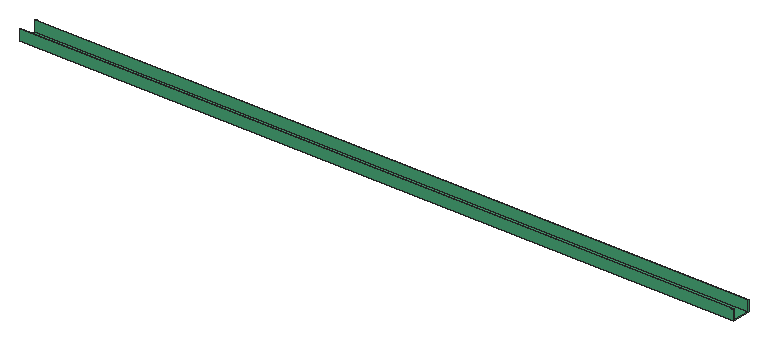
Revit family "GW_下部ガリッドランナー t=1.6", category 一般モデル, Revit 2021
Family settings
  鉄筋をホスト可能 = いいえ
  丸型コネクタ寸法 = 直径を使用
  パーツ タイプ = 標準
  作業面ベース = いいえ
  常に垂直 = はい
  ロード時にボイドで切り取り = いいえ
  共有 = いいえ
  部屋計算ポイント = いいえ
Parameters
  長さ [instance] = 4000.0 mm
  製造元 = "双日建材株式会社"
  既定の高さ = 0.0 mm
  マテリアル = ランナーt=1.6
  t = 1.6 mm
  H = 102.0 mm
  A = 60.0 mm
Reference planes
  plane 1 "中心(正面/背面)": y = 0
  plane 2: z = 0
  plane 3 "中心(左/右)": x = 0
  plane 4: y = 51
  plane 5: y = -51
  plane 6: y = -49.4
  plane 7: y = 49.4
  plane 8: z = 60
  plane 9: x = 4000
  plane 10: z = 1.6
Forms (mm)
  Extrusion 1, solid, material "ランナーt=1.6" <- "マテリアル"
    sketch origin (0, 0, 0) x (0, 1, 0) y (0, 0, 1)
      loop
        line (-49.4, 1.6) -> (-49.4, 60) -> (-51, 60) -> (-51, 0) -> (51, 0) -> (51, 60) -> (49.4, 60) -> (49.4, 1.6) -> (-49.4, 1.6)
    from 0 to 4000
Dimensions and locks
  "H": plane 5 to plane 4
  equal spacing: plane 5, plane 1 "中心(正面/背面)", plane 4
  "A": plane 8 to level
  "t": plane 7 to plane 4
  "t": plane 5 to plane 6
  "長さ": plane 3 "中心(左/右)" to plane 9
  "t": plane 10 to level
  aligned and locked: level to plane 2
  aligned and locked: plane 8 to Extrusion 1 sketch curve  (x2)
  aligned and locked: Extrusion 1 sketch curve to plane 4
  aligned and locked: plane 7 to Extrusion 1 sketch curve
  aligned and locked: plane 10 to Extrusion 1 sketch curve
  aligned and locked: Extrusion 1 sketch curve to level
  aligned and locked: Extrusion 1 sketch curve to plane 6
  aligned and locked: plane 5 to Extrusion 1 sketch curve
  aligned and locked: Extrusion 1 to plane 3 "中心(左/右)"
  aligned and locked: plane 9 to Extrusion 1
